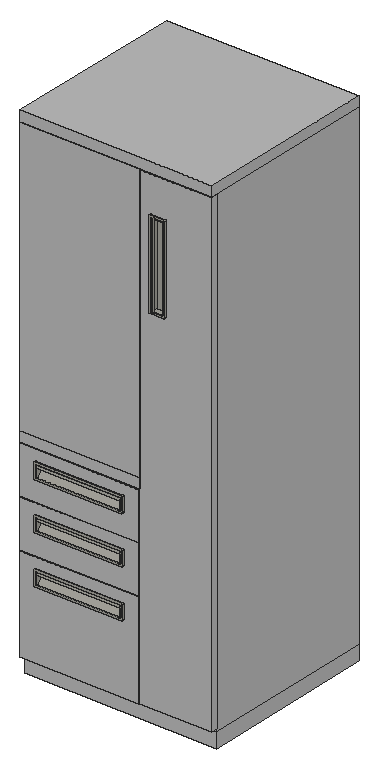
Revit family "Haworth_VSeries_StorageTower_5High", category Furniture Systems, Revit 2018
Family settings
  Round Connector Dimension = Use Diameter
  Part Type = Normal
  OmniClass Number = 23.40.70.14.64.21
  OmniClass Title = Systems Furniture
  Work Plane-Based = No
  Always vertical = Yes
  Cut with Voids When Loaded = No
  Shared = No
  Room Calculation Point = No
Parameters (values of type "Box Box File - Upper Bookcase")
  Warranty = "http://www.haworth.com/resources/product-info/warranties"
  Upper Door = not(Upper Bookcase)  # no
  Upper Bookcase = yes
  URL - Product = "http://www.haworth.com/products/storage/files-pedestals/v-series"
  URL = "www.haworth.com"
  Top Height = Actual Height - Cabinet Height  # 36"
  Sustainability Info = "http://www.haworth.com/company-info/sustainablility"
  Storage Standard Pull = and(Upper Door, Standard Pull)  # no
  Storage Full Pull = and(Upper Door, Full Pull)  # no
  Standard Pull = yes
  Size = "Verify Final Dim. w/ Haworth"  # constant formula
  Shelf Width = Actual Depth - 1 1/2"  # 21 1/2"
  Shelf Finish = Haworth _ Paint _ Metallic Champagne
  Shelf Depth = Drawer Width - 1 3/8"  # 13 1/2"
  Revision Number = "2"  # constant formula
  Pull Height Centerline 2 = Door Height 2 / 2  # 17 1/4"
  Pull Height Centerline = Door Height - Pull Height Centerline 2  # 42 91/128"
  Pull Finish = Haworth _ Polymer _ Gray Tone
  Model = "Haworth - VSeries Storage Tower - 5 High"  # constant formula
  Min. Width = 29 7/8"  # constant formula
  Max. Width = 47 7/8"  # constant formula
  Min. Height = 27 1/2"  # constant formula
  Max. Height = 63 1/2"  # constant formula
  Manufacturer = "Haworth"  # constant formula
  Full Pull = not(Standard Pull)  # no
  File File = no
  Drawer Width = Actual Width - 9" - 1/8"  # 14 7/8"
  Drawer Finish = Haworth _ Paint _ Metallic Champagne
  Drawer 3 Standard Pull = and(Box Box File, Standard Pull)  # yes
  Drawer 3 Height = 5 15/16"  # constant formula
  Drawer 3 Full Pull = and(Box Box File, Full Pull)  # no
  Drawer 3 = not(File File)  # yes
  Drawer 2 Height = if(Box Box File, 5 15/16", 11 15/16")  # 5 15/16"
  Drawer 1 Height = 11 15/16"  # constant formula
  Door Height 2 = Top Height - 1 1/4" - 1/4"  # 34 1/2"
  Door Height = Cabinet Height + Top Height - 1 1/4" - 1 7/8" - 53/128"  # 59 123/128"
  Door Width = 9"  # constant formula
  Door Finish = Haworth _ Paint _ Metallic Champagne
  Description = "Haworth - VSeries Storage Tower - 5 High"  # constant formula
  Cabinet Height = if(or(File File, Box Box File), 27 1/2", 39 1/2")  # 27 1/2"
  Cabinet Finish = Haworth _ Paint _ Metallic Champagne
  Box Box File = not(File File)  # yes
  Author = "Haworth (Hampton)"  # constant formula
  Assembly Code = "E2020200"
  Actual Width = 24"  # constant formula
  Actual Height = 63 1/2"  # constant formula
  Actual Depth = 23"  # constant formula
Types (4): name | Upper Door | Upper Bookcase | Storage Standard Pull | File File | Drawer 3 Standard Pull | Drawer 3 | Drawer 2 Height | Box Box File
  Box Box File - Upper Bookcase | no | yes | no | no | yes | yes | 5 15/16" | yes
  Box Box File - Upper Door | yes | no | yes | no | yes | yes | 5 15/16" | yes
  File File - Upper Bookcase | no | yes | no | yes | no | no | 11 15/16" | no
  File File - Upper Door | yes | no | yes | yes | no | no | 11 15/16" | no
Reference planes (in)
  plane 1 "Back": y = 0
  plane 2: z = 0
  plane 3 "Center L/R": x = 0
  plane 4 "Left": x = -12
  plane 5 "Right": x = 12
  plane 6 "Back of Drawer": y = -22.25
  plane 7 "Front": y = -23
  plane 8 "Top Cabinet": z = 27.5
  plane 9 "Bottom of Top Cabinet": z = 26.25
  plane 10 "Bottom of Cabinet": z = 0
  plane 11 "old": z = 1.875
  plane 12 "Left Inside": x = -11.25
  plane 13 "Right Inside": x = 11.25
  plane 14 "Center F/B": y = -11.125
  plane 15 "Top": z = 63.5
  plane 16 "Bottom of Top": z = 62.25
  plane 17 "Door Edge": x = 3
  plane 18: z = 44.875
  plane 19: z = 50.66667
  plane 20: z = 39.08333
  plane 21: z = 27.625
  plane 22 "Drawer 1": z = 2.166
  plane 23 "Drawer 2": z = 14.1035
  plane 24 "Drawer 3": z = 14.2285
  plane 25 "Drawer 4": z = 20.2285
  plane 26: y = -0.75
  plane 27: x = -11.25
Forms (in)
  Extrusion 1, solid, material "Haworth _ Paint _ Metallic Champagne" <- "Cabinet Finish"
    sketch origin (0, 0, -18.75) x (1, 0, 0) y (0, 1, 0)
      loop
        line (-12, 0) -> (-12, -22.25) -> (12, -22.25) -> (12, 0) -> (-12, 0)
    from 18.75 to 20.625
  Extrusion 2, solid, material "Haworth _ Paint _ Metallic Champagne" <- "Cabinet Finish"
    sketch origin (0, 0, 21.75) x (1, 0, 0) y (0, 1, 0)
      loop
        line (-12, 0) -> (-12, -23) -> (12, -23) -> (12, 0) -> (-12, 0)
    from 40.5 to 41.75
  Extrusion 3, solid, material "Haworth _ Paint _ Metallic Champagne" <- "Cabinet Finish"
    sketch origin (114.68227, -6.06265, 0) x (1, 0, 0) y (0, 1, 0)
      loop
        line (-103.43227, 6.06265) -> (-103.43227, -16.18735) -> (-102.68227, -16.18735) -> (-102.68227, 6.06265) -> (-103.43227, 6.06265)
    from 1.875 to 62.25
  Extrusion 4, solid, material "Haworth _ Paint _ Metallic Champagne" <- "Cabinet Finish", visible <- "Upper Bookcase"
    sketch origin (0, 0, 27.5) x (0, 1, 0) y (-1, 0, 0)
      loop
        line (-23, 12) -> (-23, -3) -> (-22.25, -3) -> (-22.25, 12) -> (-23, 12)
    from 0 to 34.75
  Extrusion 5, solid, material "Haworth _ Paint _ Metallic Champagne" <- "Cabinet Finish"
    sketch origin (107.68227, -6.06265, 0) x (1, 0, 0) y (0, 1, 0)
      loop
        line (-105.43227, 5.31265) -> (-105.43227, -16.18735) -> (-104.68227, -16.18735) -> (-104.68227, 5.31265) -> (-105.43227, 5.31265)
    from 1.875 to 62.25
  Extrusion 6, solid, material "Haworth _ Paint _ Metallic Champagne" <- "Door Finish", visible <- "Full Pull"
    sketch origin (0, 0, 0) x (1, 0, 0) y (0, 1, 0)
      loop
        line (3, -22.25) -> (3, -23) -> (12, -23) -> (12, -22.25) -> (3, -22.25)
    from 2.166 to 62.12694
  Extrusion 7, solid, material "Haworth _ Paint _ Metallic Champagne" <- "Cabinet Finish", visible <- "Upper Door"
    sketch origin (-114.68227, -6.06265, 0) x (-1, 0, 0) y (0, -1, 0)
      loop
        line (-103.43227, -6.06265) -> (-102.68227, -6.06265) -> (-102.68227, 16.18735) -> (-103.43227, 16.18735) -> (-103.43227, -6.06265)
    from 27.5 to 62.25
  Extrusion 8, solid, material "Haworth _ Paint _ Metallic Champagne" <- "Cabinet Finish", visible <- "Upper Door"
    sketch origin (0, 0, 0) x (1, 0, 0) y (0, 1, 0)
      loop
        line (-11.25, -0.75) -> (11.25, -0.75) -> (11.25, 0) -> (-11.25, 0) -> (-11.25, -0.75)
    from 1.875 to 62.25
  Extrusion 9, solid, material "Haworth _ Paint _ Metallic Champagne" <- "Cabinet Finish"
    sketch origin (0, -12.75, 27.5) x (0, 1, 0) y (-1, 0, 0)
      loop
        line (-10.25, 12) -> (-10.25, -3) -> (-9.5, -3) -> (-9.5, 12) -> (-10.25, 12)
    from -1.25 to 0
  Extrusion 10, solid, material "Haworth _ Paint _ Metallic Champagne" <- "Cabinet Finish"
    sketch origin (-118.68227, -6.06265, 0) x (-1, 0, 0) y (0, -1, 0)
      loop
        line (-107.43227, -6.06265) -> (-106.68227, -6.06265) -> (-106.68227, 16.18735) -> (-107.43227, 16.18735) -> (-107.43227, -6.06265)
    from 1.875 to 27.5
  Extrusion 11, solid, material "Haworth _ Paint _ Metallic Champagne" <- "Cabinet Finish", visible <- "Upper Bookcase"
    sketch origin (0, -23, 0) x (-1, 0, 0) y (0, 0, 1)
      loop
        line (11.25, 1.875) -> (11.25, 27.5) -> (12, 27.5) -> (12, 62.25) -> (-11.25, 62.25) -> (-11.25, 1.875) -> (11.25, 1.875)
    from 22.25 to 23
  Extrusion 12, solid, material "Haworth _ Paint _ Metallic Champagne" <- "Cabinet Finish"
    sketch origin (0, 0, 0) x (1, 0, 0) y (0, 1, 0)
      loop
        line (-11.25, -0.75) -> (-11.25, -22.25) -> (2.25, -22.25) -> (2.25, -0.75) -> (-11.25, -0.75)
    from 26.84634 to 27.625
Lines and regions (in)
  Masking region 1
    outline origin (0, 0, 0) x (1, 0, 0) y (0, 1, 0)
      loop
        line (-12, 0) -> (-12, -23) -> (12, -23) -> (12, 0) -> (-12, 0)
Dimensions and locks (in)
  locked: plane 6 "Back of Drawer" to plane 7 "Front" at 0.75
  "Actual Depth": plane 1 "Back" to plane 7 "Front"
  "Actual Width": plane 4 "Left" to plane 5 "Right"
  locked: plane 8 "Top Cabinet" to plane 9 "Bottom of Top Cabinet" at 1.25
  equal spacing: plane 4 "Left", plane 3 "Center L/R", plane 5 "Right"
  locked: plane 11 "old" to plane 10 "Bottom of Cabinet" at 1.875
  "Actual Height": plane 15 "Top" to level
  "Cabinet Height": plane 8 "Top Cabinet" to plane 10 "Bottom of Cabinet"
  locked: plane 12 "Left Inside" to plane 4 "Left" at 0.75
  locked: plane 5 "Right" to plane 13 "Right Inside" at 0.75
  plane 6 "Back of Drawer" to plane 14 "Center F/B" to plane 1 "Back" = 11 1/8", 11 1/8"
  locked: plane 15 "Top" to plane 16 "Bottom of Top" at 1.25
  plane 17 "Door Edge" to plane 5 "Right" = 9"
  equal spacing: plane 16 "Bottom of Top", plane 18, plane 8 "Top Cabinet"
  equal spacing: plane 16 "Bottom of Top", plane 19, plane 20, plane 8 "Top Cabinet"
  "Top Height": plane 15 "Top" to plane 8 "Top Cabinet"
  locked: plane 21 to plane 8 "Top Cabinet" at 0.125
  nested 9 to nested 10 = 34.50194"
  aligned and locked: level to plane 2
  aligned and locked: plane 10 "Bottom of Cabinet" to Extrusion 1
  aligned and locked: plane 11 "old" to Extrusion 1
  aligned and locked: plane 4 "Left" to Extrusion 1 sketch curve
  aligned and locked: plane 5 "Right" to Extrusion 1 sketch curve
  aligned and locked: plane 6 "Back of Drawer" to Extrusion 1 sketch curve
  aligned and locked: plane 1 "Back" to Extrusion 1 sketch curve
  aligned and locked: plane 15 "Top" to Extrusion 2
  aligned and locked: Extrusion 2 to plane 4 "Left"
  aligned and locked: Extrusion 2 to plane 5 "Right"
  aligned and locked: plane 1 "Back" to Extrusion 3 sketch curve
  aligned and locked: plane 5 "Right" to Extrusion 3 sketch curve
  aligned and locked: Extrusion 3 sketch curve to plane 6 "Back of Drawer"
  aligned and locked: plane 5 "Right" to Masking region 1 sketch curve
  aligned: plane 16 "Bottom of Top" to Extrusion 3
  aligned and locked: Extrusion 4 sketch curve to plane 7 "Front"
  aligned and locked: Extrusion 4 sketch curve to plane 4 "Left"
  aligned and locked: plane 17 "Door Edge" to Extrusion 4 sketch curve
  aligned and locked: Extrusion 5 sketch curve to plane 17 "Door Edge"
  aligned and locked: Extrusion 5 sketch curve to plane 6 "Back of Drawer"
  aligned and locked: plane 16 "Bottom of Top" to Extrusion 5
  aligned and locked: Extrusion 4 to plane 8 "Top Cabinet"
  aligned and locked: Extrusion 5 to plane 11 "old"
  aligned and locked: nested 1 to plane 12 "Left Inside"
  aligned and locked: plane 6 "Back of Drawer" to nested 1
  aligned and locked: plane 20 to nested 1
  aligned and locked: plane 19 to nested 2
  aligned and locked: Extrusion 2 to plane 16 "Bottom of Top"
  aligned and locked: plane 16 "Bottom of Top" to Extrusion 4
  aligned and locked: nested 3 to plane 6 "Back of Drawer"
  aligned and locked: nested 4 to plane 6 "Back of Drawer"
  aligned and locked: plane 4 "Left" to nested 4
  aligned and locked: plane 4 "Left" to nested 3
  aligned and locked: plane 22 "Drawer 1" to nested 4
  aligned and locked: plane 22 "Drawer 1" to nested 3
  aligned and locked: plane 24 "Drawer 3" to nested 6
  aligned and locked: plane 24 "Drawer 3" to nested 5
  aligned and locked: plane 4 "Left" to nested 6
  aligned and locked: plane 4 "Left" to nested 5
  aligned and locked: plane 25 "Drawer 4" to nested 8
  aligned and locked: plane 4 "Left" to nested 8
  aligned and locked: plane 25 "Drawer 4" to nested 7
  aligned and locked: plane 4 "Left" to nested 7
  aligned and locked: plane 5 "Right" to nested 9
  aligned and locked: plane 22 "Drawer 1" to nested 9
  aligned and locked: nested 10 to plane 4 "Left"
  aligned and locked: nested 10 to plane 21
  aligned and locked: nested 9 to plane 6 "Back of Drawer"
  aligned and locked: plane 6 "Back of Drawer" to nested 10
  aligned and locked: Extrusion 6 sketch curve to plane 6 "Back of Drawer"
  aligned and locked: plane 7 "Front" to Extrusion 6 sketch curve
  aligned and locked: plane 5 "Right" to Extrusion 6 sketch curve
  aligned and locked: plane 17 "Door Edge" to Extrusion 6 sketch curve
  aligned and locked: Extrusion 6 to plane 22 "Drawer 1"
  aligned and locked: Extrusion 6 to nested 9
  aligned and locked: nested 11 to plane 4 "Left"
  aligned and locked: plane 6 "Back of Drawer" to nested 11
  aligned and locked: nested 11 to plane 21
  aligned and locked: Extrusion 3 to Extrusion 2
  aligned and locked: Extrusion 8 sketch curve to plane 12 "Left Inside"
  aligned and locked: plane 13 "Right Inside" to Extrusion 8 sketch curve
  aligned and locked: Extrusion 8 sketch curve to plane 1 "Back"
  aligned and locked: Extrusion 8 to plane 11 "old"
  aligned and locked: Extrusion 8 to Extrusion 2
  aligned and locked: plane 6 "Back of Drawer" to Extrusion 9
  aligned and locked: Extrusion 9 to plane 7 "Front"
  aligned and locked: plane 12 "Left Inside" to Extrusion 10
  aligned and locked: Extrusion 10 to plane 4 "Left"
  aligned and locked: plane 8 "Top Cabinet" to Extrusion 10
  aligned and locked: plane 16 "Bottom of Top" to Extrusion 11 sketch curve
  aligned and locked: Extrusion 11 sketch curve to Extrusion 3
  aligned and locked: Extrusion 11 sketch curve to plane 11 "old"
  aligned and locked: Extrusion 11 to plane 1 "Back"
  aligned and locked: Extrusion 11 to Extrusion 5
  aligned and locked: plane 6 "Back of Drawer" to Extrusion 12 sketch curve
  aligned and locked: plane 12 "Left Inside" to Extrusion 12 sketch curve
  aligned and locked: Extrusion 12 sketch curve to Extrusion 5
  aligned and locked: Extrusion 3 to plane 11 "old"
  aligned and locked: Extrusion 3 to plane 6 "Back of Drawer"
  aligned and locked: Extrusion 3 to plane 1 "Back"
  aligned and locked: Extrusion 3 to plane 13 "Right Inside"
  aligned and locked: Extrusion 11 to plane 4 "Left"
  aligned and locked: Extrusion 11 to plane 8 "Top Cabinet"
  aligned and locked: Extrusion 11 to plane 12 "Left Inside"
  aligned and locked: Extrusion 11 to plane 26
  aligned and locked: Extrusion 10 to plane 11 "old"
  aligned and locked: plane 16 "Bottom of Top" to Extrusion 7
  aligned and locked: Extrusion 7 to plane 4 "Left"
  aligned and locked: Extrusion 7 to plane 27
  aligned and locked: Extrusion 7 to plane 8 "Top Cabinet"
  aligned and locked: Extrusion 10 to plane 1 "Back"
  aligned and locked: Extrusion 10 to plane 6 "Back of Drawer"
  aligned and locked: Extrusion 7 to plane 1 "Back"
  aligned and locked: Extrusion 7 to plane 6 "Back of Drawer"
Automatic sketch dimensions
  Masking region 1 sketch curve to plane 4 "Left" = 0"
  Masking region 1 sketch curve to plane 7 "Front" = 0"
  plane 1 "Back" to Masking region 1 sketch curve = 0"
  Extrusion 2 sketch curve to plane 4 "Left" = 0"
  Extrusion 2 sketch curve to plane 5 "Right" = 0"
  Extrusion 2 sketch curve to plane 7 "Front" = 0"
  plane 1 "Back" to Extrusion 2 sketch curve = 0"
  Extrusion 3 sketch curve to plane 13 "Right Inside" = 0"
  Extrusion 4 sketch curve to plane 6 "Back of Drawer" = 0"
  Extrusion 5 sketch curve to Extrusion 5 sketch curve = 3/4"
  plane 1 "Back" to Extrusion 5 sketch curve = 3/4"
  Extrusion 7 sketch curve to plane 6 "Back of Drawer" = 0"
  Extrusion 7 sketch curve to plane 12 "Left Inside" = 0"
  plane 4 "Left" to Extrusion 7 sketch curve = 0"
  plane 1 "Back" to Extrusion 7 sketch curve = 0"
  plane 1 "Back" to Extrusion 8 sketch curve = 3/4"
  Extrusion 9 sketch curve to plane 7 "Front" = 0"
  Extrusion 9 sketch curve to plane 6 "Back of Drawer" = 0"
  Extrusion 9 sketch curve to plane 17 "Door Edge" = 0"
  Extrusion 9 sketch curve to plane 4 "Left" = 0"
  Extrusion 10 sketch curve to plane 6 "Back of Drawer" = 0"
  Extrusion 10 sketch curve to plane 12 "Left Inside" = 0"
  plane 4 "Left" to Extrusion 10 sketch curve = 0"
  plane 1 "Back" to Extrusion 10 sketch curve = 0"
  Extrusion 11 sketch curve to plane 8 "Top Cabinet" = 0"
  Extrusion 11 sketch curve to plane 12 "Left Inside" = 0"
  Extrusion 11 sketch curve to plane 4 "Left" = 0"
  plane 1 "Back" to Extrusion 12 sketch curve = 3/4"
Nested families (in)
  nested 1: "Haworth_Shelf" at (-9, -11.5, 38.70833) x (0, -1, 0) z (0, 0, 1), visible <- "Upper Bookcase", type "Shelf"
    with Shelf Width 21 1/2", Shelf Depth 13 1/2"
  nested 2: "Haworth_Shelf" at (-9, -11.5, 50.29167) x (0, -1, 0) z (0, 0, 1), visible <- "Upper Bookcase", type "Shelf"
    with Shelf Width 21 1/2", Shelf Depth 13 1/2"
  nested 3: "Haworth_VSeries-Drawer_Full_Part" at (-4.5625, -22.25, 2.166), visible <- "Full Pull", Drawer Height <- "Drawer 1 Height", type "Drawer"
    with Drawer Height 11 15/16", Drawer Width 14 7/8"
  nested 4: "Haworth_VSeries-Drawer_Standard_Part" at (-4.5625, -22.25, 2.166), visible <- "Standard Pull", Drawer Height <- "Drawer 1 Height", type "Drawer"
    with Drawer Height 11 15/16", Drawer Width 14 7/8"
  nested 5: "Haworth_VSeries-Drawer_Full_Part" at (-4.5625, -22.25, 14.2285), visible <- "Full Pull", Drawer Height <- "Drawer 2 Height", type "Drawer"
    with Drawer Height 5 15/16", Drawer Width 14 7/8"
  nested 6: "Haworth_VSeries-Drawer_Standard_Part" at (-4.5625, -22.25, 14.2285), visible <- "Standard Pull", Drawer Height <- "Drawer 2 Height", type "Drawer"
    with Drawer Height 5 15/16", Drawer Width 14 7/8"
  nested 7: "Haworth_VSeries-Drawer_Full_Part" at (-4.5625, -22.25, 20.2285), visible <- "Drawer 3 Full Pull", Drawer Height <- "Drawer 3 Height", type "Drawer"
    with Drawer Height 5 15/16", Drawer Width 14 7/8"
  nested 8: "Haworth_VSeries-Drawer_Standard_Part" at (-4.5625, -22.25, 20.2285), visible <- "Drawer 3 Standard Pull", Drawer Height <- "Drawer 3 Height", type "Drawer"
    with Drawer Height 5 15/16", Drawer Width 14 7/8"
  nested 9: "Haworth_VSeries-Door_Standard_Part" at (6.32718, -22.25, 2.166), Door Width <- "Door Width", Door Height <- "Door Height", visible <- "Standard Pull", type "Door Valet"
    with Door Width 9", Door Height 59 123/128"
  nested 10: "Haworth_VSeries-Door_Standard_Part" at (-6.32718, -22.25, 27.625) x (-1, 0, 0) z (0, 0, 1), Door Width <- "Drawer Width", Door Height <- "Door Height 2", visible <- "Storage Standard Pull", type "Door Short"
    with Door Width 14 7/8", Door Height 34 1/2"
  nested 11: "Haworth_VSeries-Door_Full_Part" at (-4.5625, -22.25, 27.625) x (-1, 0, 0) z (0, 0, 1), Door Width <- "Drawer Width", Door Height <- "Door Height 2", visible <- "Storage Full Pull", type "Door Short"
    with Door Width 14 7/8", Door Height 34 1/2"
Definition of nested family "Haworth_Shelf"
  Parameters
    Front Finish = none
    Shelf Width = 29 7/8"
    Shelf Depth = 18 3/4"
    Shelf Finish = none
    Assembly Code = ""
  Reference planes (in)
    plane 1 "Shelf Back": y = 11.25
    plane 2: z = 0
    plane 3 "Center L/R": x = 0
    plane 4 "Shelf Front": y = -7.5
    plane 5 "Left": x = -14.9375
    plane 6 "Right": x = 14.9375
    plane 7 "Top": z = 0.75
    plane 8 "Center Elevation": z = 0.375
    plane 9 "Shelf Centerline F/B": y = 1.875
  Forms (in)
    Extrusion 1, solid, material <- "Shelf Finish"
      sketch origin (-14.9375, 0, 2.25) x (0, 1, 0) y (0, 0, 1)
        loop
          line (11.25, -1.5) -> (-7.5, -1.5) -> (-7.5, -2.25) -> (11.25, -2.25) -> (11.25, -1.5)
      from 0 to 29.875
  Dimensions and locks (in)
    equal spacing: plane 5 "Left", plane 3 "Center L/R", plane 6 "Right"
    "Shelf Width": plane 5 "Left" to plane 6 "Right"
    "Shelf Depth": plane 1 "Shelf Back" to plane 4 "Shelf Front"
    plane 7 "Top" to level = 3/4"
    equal spacing: plane 7 "Top", plane 8 "Center Elevation", level
    equal spacing: plane 4 "Shelf Front", plane 9 "Shelf Centerline F/B", plane 1 "Shelf Back"
    aligned and locked: Extrusion 1 to plane 6 "Right"
    aligned and locked: plane 1 "Shelf Back" to Extrusion 1 sketch curve
    aligned and locked: plane 7 "Top" to Extrusion 1 sketch curve
    aligned and locked: level to Extrusion 1 sketch curve
    aligned and locked: Extrusion 1 sketch curve to plane 4 "Shelf Front"
Definition of nested family "Haworth_VSeries-Drawer_Full_Part"
  Parameters
    Drawer Width = 15"
    Drawer Height [instance] = 11 13/16"
    Drawer Finish = none
    Assembly Code = ""
  Reference planes (in)
    plane 1 "Drawer Back": y = 0
    plane 2: z = 0
    plane 3 "Center L/R": x = 0
    plane 4 "Drawer Front": y = -0.75
    plane 5 "Left": x = -7.5
    plane 6 "Right": x = 7.5
    plane 7 "Top": z = 11.8125
  Forms (in)
    Extrusion 1, solid, material <- "Drawer Finish"
      sketch origin (-7.5, 0, 2.25) x (0, 1, 0) y (0, 0, 1)
        loop
          line (0, 9.5625) -> (-0.75, 9.5625) -> (-0.75, 9.0606) -> (-0.6875, 9.0606) -> (-0.6875, 9.4981) -> (-0.1875, 9.4981) -> (-0.1875, 8.36999) -> (-0.75, 8.02598) -> (-0.75, -2.25) -> (0, -2.25) -> (0, 9.5625)
      from 0 to 15
  Lines and regions (in)
    Masking region 1, detail levels medium+fine
      outline origin (0, 0, 0) x (1, 0, 0) y (0, 1, 0)
        loop
          line (-7.5, 0) -> (-7.5, -0.75) -> (7.5, -0.75) -> (7.5, 0) -> (-7.5, 0)
  Dimensions and locks (in)
    equal spacing: plane 5 "Left", plane 3 "Center L/R", plane 6 "Right"
    "Drawer Width": plane 5 "Left" to plane 6 "Right"
    locked: plane 1 "Drawer Back" to plane 4 "Drawer Front" at 0.75
    "Drawer Height": plane 7 "Top" to level
    aligned and locked: Extrusion 1 to plane 6 "Right"
    aligned and locked: plane 1 "Drawer Back" to Extrusion 1 sketch curve
    aligned and locked: plane 7 "Top" to Extrusion 1 sketch curve
    aligned and locked: level to Extrusion 1 sketch curve
    aligned and locked: Extrusion 1 sketch curve to plane 4 "Drawer Front"
    aligned and locked: plane 5 "Left" to Masking region 1 sketch curve
    aligned and locked: plane 4 "Drawer Front" to Masking region 1 sketch curve
    aligned and locked: plane 1 "Drawer Back" to Masking region 1 sketch curve
    aligned and locked: plane 6 "Right" to Masking region 1 sketch curve
  Automatic sketch dimensions
    Extrusion 1 sketch curve to plane 4 "Drawer Front" = 0"
    plane 4 "Drawer Front" to Extrusion 1 sketch curve = 1/16"
    Extrusion 1 sketch curve to plane 7 "Top" = 0.5019"
    Extrusion 1 sketch curve to plane 7 "Top" = 0.0644"
    Extrusion 1 sketch curve to Extrusion 1 sketch curve = 1.03462"
    Extrusion 1 sketch curve to Extrusion 1 sketch curve = 0.34401"
    plane 1 "Drawer Back" to Extrusion 1 sketch curve = 3/16"
Definition of nested family "Haworth_VSeries-Drawer_Standard_Part"
  Parameters
    Standard Pull Void Height = 1 5/8"
    Standard Pull Height = 1 5/16"
    Pull Location Height = 2 1/4"
    Pull Finish = none
    Standard Pull Location = 3 7/8"
    Drawer Width = 15"
    Drawer Height [instance] = 11 13/16"
    Drawer Finish = none
    Assembly Code = ""
  Reference planes (in)
    plane 1 "Drawer Back": y = 0
    plane 2: z = 0
    plane 3 "Center L/R": x = 0
    plane 4 "Drawer Front": y = -0.75
    plane 5 "Left": x = -7.5
    plane 6 "Right": x = 7.5
    plane 7 "Top": z = 11.8125
    plane 8: y = -4
    plane 9: y = -0.125
    plane 10 "Standard Top": z = 8.75
    plane 11 "Pull Location": z = 9.5625
    plane 12 "Standard Bottom": z = 10.25
    plane 13 "Pull Void Left": x = -5.275
    plane 14 "Pull Void Right": x = 5.275
    plane 15 "Pull Right": x = 5.525
    plane 16 "Pull Left": x = -5.525
    plane 17 "Pull Top": z = 10.5
    plane 18 "Pull Bottom": z = 8.5
    plane 19 "Pull Front": y = -0.9375
  Forms (in)
    Extrusion 1, solid, material <- "Drawer Finish"
      sketch origin (-7.5, 0, 0) x (0, 1, 0) y (0, 0, 1)
        loop
          line (0, 11.8125) -> (-0.75, 11.8125) -> (-0.75, 0) -> (0, 0) -> (0, 11.8125)
      from 0 to 15
    Extrusion 2, void
      sketch origin (0, -0.75, 0) x (-1, 0, 0) y (0, 0, 1)
        loop
          line (5.275, 8.75) -> (5.275, 10.25) -> (-5.275, 10.25) -> (-5.275, 8.75) -> (5.275, 8.75)
      from -3.25 to 0.625
    Extrusion 3, solid, material <- "Pull Finish"
      sketch origin (0, -0.9375, 0) x (-1, 0, 0) y (0, 0, 1)
        loop
          line (5.4, 10.5) -> (-5.4, 10.5)
          arc (-5.4, 10.5) -> (-5.48839, 10.46339) -> (-5.525, 10.375) r 0.125
          line (-5.525, 10.375) -> (-5.525, 8.625)
          arc (-5.525, 8.625) -> (-5.48839, 8.53661) -> (-5.4, 8.5) r 0.125
          line (-5.4, 8.5) -> (5.4, 8.5)
          arc (5.4, 8.5) -> (5.48839, 8.53661) -> (5.525, 8.625) r 0.125
          line (5.525, 8.625) -> (5.525, 10.375)
          arc (5.525, 10.375) -> (5.48839, 10.46339) -> (5.4, 10.5) r 0.125
      from 0 to 0.1875
    Extrusion 4, solid, material <- "Pull Finish"
      sketch origin (-5.275, 0, 0) x (0, 0, 1) y (0, -1, 0)
        loop
          line (10.25, 0.9375) -> (9.93166, 1.0228) -> (9.93166, 0.875) -> (10.20387, 0.60279) -> (10.20387, 0.17128) -> (9.44972, 0.17128) -> (8.79917, 0.9375) -> (8.75, 0.9375) -> (9.43984, 0.125) -> (10.25, 0.125) -> (10.25, 0.9375)
      from 0 to 10.55
    Extrusion 5, solid, material <- "Pull Finish"
      sketch origin (-5.275, 0, 0) x (0, 0, 1) y (0, -1, 0)
        loop
          line (10.20387, 0.17128) -> (10.20387, 0.60279) -> (9.93166, 0.875) -> (9.93166, 0.9375) -> (8.79917, 0.9375) -> (9.44972, 0.17128) -> (10.20387, 0.17128)
      from 0 to 0.0625
    Extrusion 6, solid, material <- "Pull Finish"
      sketch origin (5.275, 0, 0) x (0, 0, 1) y (0, 1, 0)
        loop
          line (10.20387, -0.17128) -> (9.44972, -0.17128) -> (8.79917, -0.9375) -> (9.93166, -0.9375) -> (9.93166, -0.875) -> (10.20387, -0.60279) -> (10.20387, -0.17128)
      from 0 to 0.0625
  Cuts and joins
    Extrusion 2 cuts Extrusion 1
    Extrusion 2 cuts Extrusion 3
  Lines and regions (in)
    Masking region 1, detail levels medium+fine
      outline origin (0, 0, 0) x (1, 0, 0) y (0, 1, 0)
        loop
          line (-7.5, 0) -> (-7.5, -0.75) -> (7.5, -0.75) -> (7.5, 0) -> (-7.5, 0)
  Dimensions and locks (in)
    equal spacing: plane 5 "Left", plane 3 "Center L/R", plane 6 "Right"
    "Drawer Width": plane 5 "Left" to plane 6 "Right"
    locked: plane 1 "Drawer Back" to plane 4 "Drawer Front" at 0.75
    "Drawer Height": plane 7 "Top" to level
    locked: plane 8 to plane 1 "Drawer Back" at 4
    "Standard Pull Location": plane 8 to plane 9
    equal spacing: Extrusion 2 sketch curve, plane 3 "Center L/R", Extrusion 2 sketch curve
    Extrusion 2 sketch curve to Extrusion 2 sketch curve = 10.55"
    plane 17 "Pull Top" to plane 12 "Standard Bottom" = 1/4"
    plane 10 "Standard Top" to plane 18 "Pull Bottom" = 1/4"
    equal spacing: plane 14 "Pull Void Right", plane 3 "Center L/R", plane 13 "Pull Void Left", locked at 5.275 each
    locked: plane 13 "Pull Void Left" to plane 16 "Pull Left" at 0.25
    locked: plane 14 "Pull Void Right" to plane 15 "Pull Right" at 0.25
    "Standard Pull Height": plane 7 "Top" to plane 17 "Pull Top"
    plane 12 "Standard Bottom" to plane 11 "Pull Location" to plane 10 "Standard Top" = 11/16", 13/16"
    aligned and locked: Extrusion 1 sketch curve to plane 1 "Drawer Back"
    aligned and locked: Extrusion 1 sketch curve to plane 2
    aligned and locked: Extrusion 1 sketch curve to plane 4 "Drawer Front"
    aligned and locked: Extrusion 1 to plane 6 "Right"
    aligned: Extrusion 2 to plane 8
    aligned: plane 9 to Extrusion 2  (x2)
    aligned and locked: plane 15 "Pull Right" to Extrusion 3 sketch curve
    aligned and locked: Extrusion 3 sketch curve to plane 18 "Pull Bottom"
    aligned and locked: plane 16 "Pull Left" to Extrusion 3 sketch curve
    aligned and locked: Extrusion 3 sketch curve to plane 17 "Pull Top"
    aligned and locked: Extrusion 2 sketch curve to plane 13 "Pull Void Left"
    aligned and locked: plane 12 "Standard Bottom" to Extrusion 2 sketch curve
    aligned and locked: Extrusion 4 to cut or joined group of Extrusion 1, Extrusion 2
    aligned and locked: Extrusion 4 to plane 14 "Pull Void Right"
    aligned and locked: plane 5 "Left" to Masking region 1 sketch curve
    aligned and locked: plane 6 "Right" to Masking region 1 sketch curve
    aligned and locked: plane 1 "Drawer Back" to Masking region 1 sketch curve
    aligned and locked: plane 4 "Drawer Front" to Masking region 1 sketch curve
  Automatic sketch dimensions
    Extrusion 2 sketch curve to plane 10 "Standard Top" = 0"
    Extrusion 3 sketch curve to plane 14 "Pull Void Right" = 1/8"
    plane 12 "Standard Bottom" to Extrusion 3 sketch curve = 1/8"
    Extrusion 3 sketch curve to Extrusion 3 sketch curve = 1/8"
    Extrusion 3 sketch curve to plane 13 "Pull Void Left" = 1/8"
    plane 10 "Standard Top" to Extrusion 4 sketch curve = 0"
    Extrusion 4 sketch curve to plane 19 "Pull Front" = 0"  (x2)
    Extrusion 4 sketch curve to plane 9 = 0"
    plane 12 "Standard Bottom" to Extrusion 4 sketch curve = 0"
    Extrusion 4 sketch curve to plane 10 "Standard Top" = 0.04917"
    plane 11 "Pull Location" to Extrusion 4 sketch curve = 0.12266"
    Extrusion 4 sketch curve to plane 9 = 0.04628"
    Extrusion 4 sketch curve to Extrusion 4 sketch curve = 0.00988"
    plane 19 "Pull Front" to Extrusion 4 sketch curve = 1/16"
    Extrusion 4 sketch curve to plane 12 "Standard Bottom" = 0.31834"
    Extrusion 4 sketch curve to plane 12 "Standard Bottom" = 0.04613"
    plane 4 "Drawer Front" to Extrusion 4 sketch curve = 0.14721"
    Extrusion 4 sketch curve to plane 19 "Pull Front" = 0.0853"
    Extrusion 5 sketch curve to plane 19 "Pull Front" = 0"
    Extrusion 5 sketch curve to plane 10 "Standard Top" = 0.04917"
    Extrusion 5 sketch curve to plane 9 = 0.04628"
    plane 11 "Pull Location" to Extrusion 5 sketch curve = 0.11278"
    Extrusion 5 sketch curve to plane 12 "Standard Bottom" = 0.31834"
    Extrusion 5 sketch curve to plane 12 "Standard Bottom" = 0.04613"
    plane 4 "Drawer Front" to Extrusion 5 sketch curve = 0.14721"
    Extrusion 5 sketch curve to Extrusion 5 sketch curve = 1/16"
    Extrusion 6 sketch curve to plane 19 "Pull Front" = 0"
    Extrusion 6 sketch curve to plane 10 "Standard Top" = 0.04917"
    Extrusion 6 sketch curve to plane 9 = 0.04628"
    plane 11 "Pull Location" to Extrusion 6 sketch curve = 0.11278"
    Extrusion 6 sketch curve to plane 12 "Standard Bottom" = 0.31834"
    Extrusion 6 sketch curve to plane 12 "Standard Bottom" = 0.04613"
    Extrusion 6 sketch curve to Extrusion 6 sketch curve = 1/16"
    plane 4 "Drawer Front" to Extrusion 6 sketch curve = 0.14721"
    Extrusion 1 sketch curve to plane 7 "Top" = 0"
Definition of nested family "Haworth_VSeries-Door_Standard_Part"
  Parameters
    Standard Pull Void Height = 1 5/8"
    Standard Pull Offset = 4 1/2"
    Standard Pull Length = 11 13/256"
    Standard Pull Height = 1 5/16"
    Pull Finish = none
    Standard Pull Location = 3 7/8"
    Door Width [instance] = 9"
    Door Height [instance] = 29"
    Door Finish = none
    Assembly Code = ""
  Reference planes (in)
    plane 1 "Drawer Back": y = 0
    plane 2: x = 5.67282
    plane 3 "Drawer Front": y = -0.75
    plane 4 "Left": z = 0
    plane 5 "Right": z = 29
    plane 6 "Top": x = -3.32718
    plane 7: y = -4
    plane 8: y = -0.125
    plane 9 "Standard Top": x = -0.26468
    plane 10 "Pull Location": x = -1.07718
    plane 11 "Standard Bottom": x = -1.76468
    plane 12 "Pull Void Left": z = 13.69922
    plane 13 "Pull Void Right": z = 24.25
    plane 14 "Pull Right": z = 24.5
    plane 15 "Pull Left": z = 13.44922
    plane 16 "Pull Top": x = -2.01468
    plane 17 "Pull Bottom": x = -0.01468
    plane 18 "Pull Front": y = -0.9375
    plane 19 "Pull Trim": z = 24.1875
  Forms (in)
    Extrusion 1, solid, material <- "Door Finish"
      sketch origin (0, 0, 0) x (0, 1, 0) y (-1, 0, 0)
        loop
          line (0, 3.32718) -> (-0.75, 3.32718) -> (-0.75, -5.67282) -> (0, -5.67282) -> (0, 3.32718)
      from 0 to 29
    Extrusion 2, void
      sketch origin (5.67282, -0.75, 7.5) x (0, 0, -1) y (-1, 0, 0)
        loop
          line (-6.19922, 5.9375) -> (-6.19922, 7.4375) -> (-16.75, 7.4375) -> (-16.75, 5.9375) -> (-6.19922, 5.9375)
      from -3.25 to 0.625
    Extrusion 3, solid, material <- "Pull Finish"
      sketch origin (5.67282, -0.9375, 7.5) x (0, 0, -1) y (-1, 0, 0)
        loop
          line (-6.07422, 7.6875) -> (-16.875, 7.6875)
          arc (-16.875, 7.6875) -> (-16.96339, 7.65089) -> (-17, 7.5625) r 0.125
          line (-17, 7.5625) -> (-17, 5.8125)
          arc (-17, 5.8125) -> (-16.96339, 5.72411) -> (-16.875, 5.6875) r 0.125
          line (-16.875, 5.6875) -> (-6.07422, 5.6875)
          arc (-6.07422, 5.6875) -> (-5.98583, 5.72411) -> (-5.94922, 5.8125) r 0.125
          line (-5.94922, 5.8125) -> (-5.94922, 7.5625)
          arc (-5.94922, 7.5625) -> (-5.98583, 7.65089) -> (-6.07422, 7.6875) r 0.125
      from 0 to 0.1875
    Extrusion 4, solid, material <- "Pull Finish"
      sketch origin (0, 0, 13.69922) x (-1, 0, 0) y (0, -1, 0)
        loop
          line (1.76468, 0.9375) -> (1.44634, 1.0228) -> (1.44634, 0.875) -> (1.71855, 0.60279) -> (1.71855, 0.17128) -> (0.9644, 0.17128) -> (0.31385, 0.9375) -> (0.26468, 0.9375) -> (0.95452, 0.125) -> (1.76468, 0.125) -> (1.76468, 0.9375)
      from 0 to 10.55078
    Extrusion 5, solid, material <- "Pull Finish"
      sketch origin (0, 0, 13.69922) x (-1, 0, 0) y (0, -1, 0)
        loop
          line (1.71855, 0.17128) -> (1.71855, 0.60279) -> (1.44634, 0.875) -> (1.44634, 0.9375) -> (0.31385, 0.9375) -> (0.9644, 0.17128) -> (1.71855, 0.17128)
      from 0 to 0.0625
    Extrusion 6, solid, material <- "Pull Finish"
      sketch origin (5.67282, 0, 12.775) x (0, 1, 0) y (-1, 0, 0)
        loop
          line (-0.17128, 7.39137) -> (-0.60279, 7.39137) -> (-0.875, 7.11916) -> (-0.9375, 7.11916) -> (-0.9375, 5.98667) -> (-0.17128, 6.63722) -> (-0.17128, 7.39137)
      from 11.4125 to 11.475
  Cuts and joins
    Extrusion 2 cuts Extrusion 1
    Extrusion 2 cuts Extrusion 3
  Lines and regions (in)
    Masking region 1, detail levels medium+fine
      outline origin (0, 0, 0) x (1, 0, 0) y (0, 1, 0)
        loop
          line (-3.32718, 0) -> (-3.32718, -0.75) -> (5.67282, -0.75) -> (5.67282, 0) -> (-3.32718, 0)
  Dimensions and locks (in)
    locked: plane 1 "Drawer Back" to plane 3 "Drawer Front" at 0.75
    locked: plane 7 to plane 1 "Drawer Back" at 4
    "Standard Pull Location": plane 7 to plane 8
    Extrusion 2 sketch curve to Extrusion 2 sketch curve = 10 141/256"  (x2)
    plane 16 "Pull Top" to plane 11 "Standard Bottom" = 1/4"
    plane 9 "Standard Top" to plane 17 "Pull Bottom" = 1/4"
    locked: plane 12 "Pull Void Left" to plane 15 "Pull Left" at 0.25
    locked: plane 13 "Pull Void Right" to plane 14 "Pull Right" at 0.25
    "Standard Pull Height": plane 6 "Top" to plane 16 "Pull Top"
    plane 11 "Standard Bottom" to plane 10 "Pull Location" to plane 9 "Standard Top" = 11/16", 13/16"
    "Door Width": plane 6 "Top" to plane 2
    "Standard Pull Offset": plane 5 "Right" to plane 14 "Pull Right"
    "Door Height": plane 5 "Right" to level
    "Standard Pull Length": plane 14 "Pull Right" to plane 15 "Pull Left"
    locked: plane 13 "Pull Void Right" to plane 19 "Pull Trim" at 0.0625
    plane 9 "Standard Top" to Extrusion 6 = 1.45387"
    aligned and locked: Extrusion 1 sketch curve to plane 1 "Drawer Back"
    aligned and locked: Extrusion 1 sketch curve to plane 2
    aligned and locked: Extrusion 1 sketch curve to plane 3 "Drawer Front"
    aligned and locked: plane 5 "Right" to Extrusion 1
    aligned: Extrusion 2 to plane 7
    aligned: plane 8 to Extrusion 2
    aligned: Extrusion 2 to plane 8
    aligned and locked: plane 14 "Pull Right" to Extrusion 3 sketch curve
    aligned and locked: Extrusion 3 sketch curve to plane 17 "Pull Bottom"
    aligned and locked: Extrusion 3 sketch curve to plane 15 "Pull Left"
    aligned and locked: Extrusion 3 sketch curve to plane 16 "Pull Top"
    aligned and locked: Extrusion 2 sketch curve to plane 12 "Pull Void Left"
    aligned and locked: plane 11 "Standard Bottom" to Extrusion 2 sketch curve
    aligned and locked: Extrusion 4 to cut or joined group of Extrusion 1, Extrusion 2
    aligned and locked: plane 13 "Pull Void Right" to Extrusion 4
    aligned and locked: plane 1 "Drawer Back" to Masking region 1 sketch curve
    aligned and locked: plane 3 "Drawer Front" to Masking region 1 sketch curve
    aligned and locked: Extrusion 1 to level
    aligned: plane 19 "Pull Trim" to Extrusion 6
    aligned and locked: Masking region 1 to plane 2
    aligned and locked: plane 6 "Top" to Masking region 1
    aligned and locked: cut or joined group of Extrusion 1, Extrusion 2 to Extrusion 6
    aligned and locked: Extrusion 6 to plane 13 "Pull Void Right"
    aligned and locked: plane 19 "Pull Trim" to Extrusion 6
  Automatic sketch dimensions
    Extrusion 1 sketch curve to plane 6 "Top" = 0"
    Extrusion 2 sketch curve to plane 9 "Standard Top" = 0"
    Extrusion 3 sketch curve to plane 13 "Pull Void Right" = 1/8"
    plane 11 "Standard Bottom" to Extrusion 3 sketch curve = 1/8"
    Extrusion 3 sketch curve to Extrusion 3 sketch curve = 1/8"
    Extrusion 3 sketch curve to plane 12 "Pull Void Left" = 1/8"
    Extrusion 4 sketch curve to plane 9 "Standard Top" = 0"
    Extrusion 4 sketch curve to plane 18 "Pull Front" = 0"  (x2)
    Extrusion 4 sketch curve to plane 8 = 0"
    Extrusion 4 sketch curve to plane 11 "Standard Bottom" = 0"
    Extrusion 4 sketch curve to plane 9 "Standard Top" = 0.04917"
    plane 10 "Pull Location" to Extrusion 4 sketch curve = 0.12266"
    Extrusion 4 sketch curve to plane 8 = 0.04628"
    Extrusion 4 sketch curve to Extrusion 4 sketch curve = 0.00988"
    plane 18 "Pull Front" to Extrusion 4 sketch curve = 1/16"
    Extrusion 4 sketch curve to plane 11 "Standard Bottom" = 0.31834"
    Extrusion 4 sketch curve to plane 11 "Standard Bottom" = 0.04613"
    plane 3 "Drawer Front" to Extrusion 4 sketch curve = 0.14721"
    Extrusion 4 sketch curve to plane 18 "Pull Front" = 0.0853"
    Extrusion 5 sketch curve to plane 18 "Pull Front" = 0"
    Extrusion 5 sketch curve to plane 9 "Standard Top" = 0.04917"
    Extrusion 5 sketch curve to plane 8 = 0.04628"
    plane 10 "Pull Location" to Extrusion 5 sketch curve = 0.11278"
    Extrusion 5 sketch curve to plane 11 "Standard Bottom" = 0.31834"
    Extrusion 5 sketch curve to plane 11 "Standard Bottom" = 0.04613"
    plane 3 "Drawer Front" to Extrusion 5 sketch curve = 0.14721"
    Extrusion 5 sketch curve to Extrusion 5 sketch curve = 1/16"
    Extrusion 6 sketch curve to plane 18 "Pull Front" = 0"
    Extrusion 6 sketch curve to Extrusion 6 sketch curve = 1/16"
    Extrusion 6 sketch curve to plane 11 "Standard Bottom" = 0.04613"
    plane 3 "Drawer Front" to Extrusion 6 sketch curve = 0.14721"
    Extrusion 6 sketch curve to plane 8 = 0.04628"
    Extrusion 6 sketch curve to plane 11 "Standard Bottom" = 0.31834"
    plane 10 "Pull Location" to Extrusion 6 sketch curve = 0.11278"
    Extrusion 6 sketch curve to plane 9 "Standard Top" = 0.04917"
    plane 6 "Top" to Masking region 1 sketch curve = 0"
    Masking region 1 sketch curve to plane 2 = 0"
Definition of nested family "Haworth_VSeries-Door_Full_Part"
  Parameters
    Door Width [instance] = 9"
    Door Height [instance] = 28"
    Door Finish = none
    Assembly Code = ""
  Reference planes (in)
    plane 1 "Drawer Back": y = 0
    plane 2: z = 0
    plane 3 "Center L/R": x = 0
    plane 4 "Drawer Front": y = -0.75
    plane 5 "Left": x = -4.5
    plane 6 "Right": x = 4.5
    plane 7 "Top": z = 28
  Forms (in)
    Extrusion 1, solid, material <- "Door Finish"
      sketch origin (-0.375, 3.28125, -1.59375) x (-1, 0, 0) y (0, -1, 0)
        loop
          line (4.125, 3.28125) -> (4.125, 4.03125) -> (3.6231, 4.03125) -> (3.6231, 3.96875) -> (4.0606, 3.96875) -> (4.0606, 3.46875) -> (2.93249, 3.46875) -> (2.58848, 4.03125) -> (-4.875, 4.03125) -> (-4.875, 3.28125) -> (4.125, 3.28125)
      from 1.59375 to 29.59375
  Lines and regions (in)
    Masking region 1, detail levels medium+fine
      outline origin (0, 0, 0) x (1, 0, 0) y (0, 1, 0)
        loop
          line (-4.5, 0) -> (-4.5, -0.75) -> (4.5, -0.75) -> (4.5, 0) -> (-4.5, 0)
  Dimensions and locks (in)
    equal spacing: plane 5 "Left", plane 3 "Center L/R", plane 6 "Right"
    "Door Width": plane 5 "Left" to plane 6 "Right"
    locked: plane 1 "Drawer Back" to plane 4 "Drawer Front" at 0.75
    "Door Height": plane 7 "Top" to level
    plane 3 "Center L/R" to Extrusion 1 = 4 1/2"
    aligned: Extrusion 1 to plane 6 "Right"
    aligned and locked: plane 5 "Left" to Masking region 1 sketch curve
    aligned and locked: plane 4 "Drawer Front" to Masking region 1 sketch curve
    aligned and locked: plane 1 "Drawer Back" to Masking region 1 sketch curve
    aligned and locked: plane 6 "Right" to Masking region 1 sketch curve
    aligned: Extrusion 1 to level
    aligned and locked: plane 7 "Top" to Extrusion 1
  Automatic sketch dimensions
    Extrusion 1 sketch curve to plane 4 "Drawer Front" = 0"  (x2)
    plane 1 "Drawer Back" to Extrusion 1 sketch curve = 0"
    plane 6 "Right" to Extrusion 1 sketch curve = 0"
    plane 5 "Left" to Extrusion 1 sketch curve = 1.53652"
    plane 1 "Drawer Back" to Extrusion 1 sketch curve = 3/16"
    Extrusion 1 sketch curve to Extrusion 1 sketch curve = 0.34401"
    plane 4 "Drawer Front" to Extrusion 1 sketch curve = 1/16"
    Extrusion 1 sketch curve to Extrusion 1 sketch curve = 0.69061"
    Extrusion 1 sketch curve to Extrusion 1 sketch curve = 7/16"
    Extrusion 1 sketch curve to Extrusion 1 sketch curve = 0.0644"
